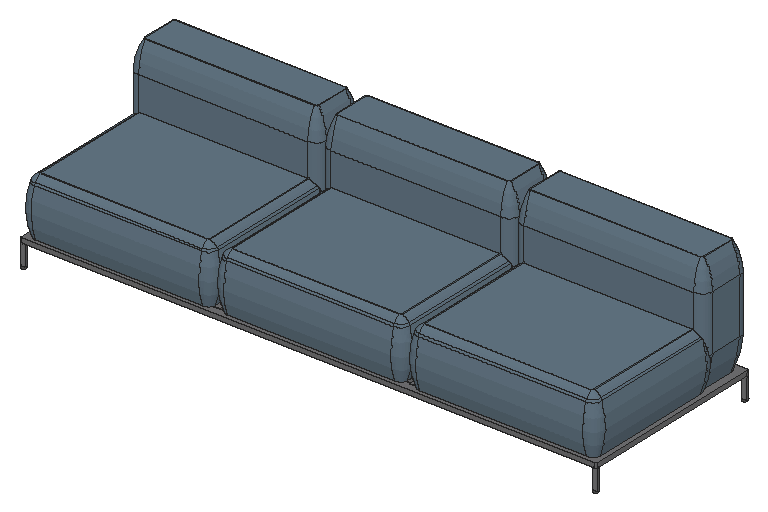
Revit family "Haworth_Mex-Hi_Sofa_Wide_WithoutArm", category Furniture, Revit 2018
Family settings
  OmniClass Number = 23.40.70.14.64.21
  OmniClass Title = Systems Furniture
  Work Plane-Based = No
  Always vertical = Yes
  Cut with Voids When Loaded = No
  Shared = No
  Room Calculation Point = No
Parameters (values of type "Three Seat Sofa")
  Warranty = "http://www.haworth.com/resources/product-info/warranties"
  URL - Product = "https://www.haworth.com/na/en/products/lounge-sofas/ottomans/mex-hi-seating.html"
  URL = "https://www.haworth.com/na/en/about/brands/haworth-collection.html"
  Two Seats Wide = no
  Trim Finish = Haworth _ Polymer _ Black
  Three Seats Wide = not(Two Seats Wide)  # yes
  Sustainability Info = "https://www.haworth.com/na/en/expertise/sustainability.html"
  Size = "Verify Final Dim. w/ Haworth"  # constant formula
  Seat Upholstery Finish [instance] = Haworth _ Leather _ Scozia _ Oceano ES-342
  Revision Number = "1"  # constant formula
  Model = "HCCSMHL"  # constant formula
  Manufacturer = "Haworth"  # constant formula
  Description = "Haworth - Cassina - Mex-Hi - Sofa - Without Arm - Wide Three Seat"
  Base Finish [instance] = Haworth _ Paint _ Matte Anthracite 69-ANT
  Back Upholstery Finish [instance] = Haworth _ Leather _ Scozia _ Oceano ES-342
  Author = "Haworth (Abd Rahman)"  # constant formula
  Assembly Code = "E2020200"
  Actual Width = if(Two Seats Wide, 86.60", 106.30")  # 106.30"
  Actual Height = 28.30"  # constant formula
  Actual Depth = 35.50"  # constant formula
Reference planes (in)
  plane 1: z = 0
  plane 2 "Center L/R": x = -6.11989
  plane 3 "Center F/B": y = -11.5
  plane 4 "Top": z = 28.3
  plane 5 "Back": y = 6.25
  plane 6 "Front": y = -29.25
  plane 7 "Right": x = 47.03011
  plane 8 "Left": x = -59.26989
  plane 9: x = -23.83656
  plane 10: x = 11.59677
  plane 11: z = 4.88189
Dimensions and locks (in)
  equal spacing: plane 8 "Left", plane 2 "Center L/R", plane 7 "Right"
  "Actual Width": plane 8 "Left" to plane 7 "Right"
  equal spacing: plane 5 "Back", plane 3 "Center F/B", plane 6 "Front"
  "Actual Depth": plane 5 "Back" to plane 6 "Front"
  "Actual Height": plane 4 "Top" to plane 1
  equal spacing: plane 8 "Left", plane 9, plane 10, plane 7 "Right"
  aligned and locked: nested 2 to plane 5 "Back"
  aligned and locked: plane 2 "Center L/R" to nested 7
  aligned and locked: plane 3 "Center F/B" to nested 7
  aligned and locked: plane 2 "Center L/R" to nested 1
  aligned and locked: plane 7 "Right" to nested 2
  aligned and locked: plane 8 "Left" to nested 3
  aligned and locked: nested 4 to plane 2 "Center L/R"
  aligned and locked: plane 7 "Right" to nested 10
  aligned and locked: plane 8 "Left" to nested 11
  aligned and locked: plane 5 "Back" to nested 11
  aligned and locked: nested 10 to plane 5 "Back"
  aligned and locked: plane 8 "Left" to nested 8
  aligned and locked: plane 7 "Right" to nested 9
  aligned and locked: nested 6 to plane 2 "Center L/R"
  aligned and locked: nested 5 to plane 2 "Center L/R"
  aligned and locked: nested 7 to plane 11
  aligned and locked: nested 3 to plane 11
  aligned and locked: nested 11 to plane 11
  aligned and locked: nested 4 to plane 11
  aligned and locked: plane 11 to nested 10
  aligned and locked: plane 11 to nested 2
  aligned and locked: plane 11 to nested 8
  aligned and locked: plane 11 to nested 6
  aligned and locked: plane 11 to nested 1
  aligned and locked: plane 11 to nested 5
  aligned and locked: plane 11 to nested 9
Nested families (in)
  nested 1: "Haworth_Mex-Hi_Sofa_Seat-Wide-PART" at (0, -3.81934, 0), Seat Upholstery Finish <- "Seat Upholstery Finish", visible <- "Three Seats Wide", type "Seat Wide - PART - Middle"
    with Seat Upholstery Finish Haworth _ Leather _ Scozia _ Oceano ES-342
  nested 2: "Haworth_Mex-Hi_Sofa_Back-Wide-PART" at (35.78887, 9.90612, -0.04956), Back Upholstery Finish <- "Back Upholstery Finish", visible <- "Three Seats Wide", type "Back Wide - PART - Small"
    with Back Upholstery Finish Haworth _ Leather _ Scozia _ Oceano ES-342, Extra Small no
  nested 3: "Haworth_Mex-Hi_Sofa_Back-Wide-PART" at (-48.02865, 9.90612, -0.04956) x (-1, 0, 0) z (0, 0, 1), Back Upholstery Finish <- "Back Upholstery Finish", visible <- "Three Seats Wide", type "Back Wide - PART - Small"
    with Back Upholstery Finish Haworth _ Leather _ Scozia _ Oceano ES-342, Extra Small no
  nested 4: "Haworth_Mex-Hi_Sofa_Back-Wide-PART" at (-12.59365, 9.90612, -0.04956) x (-1, 0, 0) z (0, 0, 1), Back Upholstery Finish <- "Back Upholstery Finish", visible <- "Three Seats Wide", type "Back Wide - PART - Small"
    with Back Upholstery Finish Haworth _ Leather _ Scozia _ Oceano ES-342, Extra Small no
  nested 5: "Haworth_Mex-Hi_Sofa_Seat-Wide-PART" at (22.30183, -3.81836, 0), Seat Upholstery Finish <- "Seat Upholstery Finish", visible <- "Two Seats Wide", type "Seat Wide - PART - Middle - Large"
    with Seat Upholstery Finish Haworth _ Leather _ Scozia _ Oceano ES-342
  nested 6: "Haworth_Mex-Hi_Sofa_Seat-Wide-PART" at (-22.23437, -3.81836, 0), Seat Upholstery Finish <- "Seat Upholstery Finish", visible <- "Two Seats Wide", type "Seat Wide - PART - Middle - Large"
    with Seat Upholstery Finish Haworth _ Leather _ Scozia _ Oceano ES-342
  nested 7: "Haworth_Mex-Hi_Sofa_Base-PART" at (0, 0, 0), Base Finish <- "Base Finish", type "Base - PART"
    with Base Finish Haworth _ Paint _ Matte Anthracite 69-ANT, Two Seats no
  nested 8: "Haworth_Mex-Hi_Sofa_Seat-Wide-PART" at (-35.30039, -3.81836, 0), visible <- "Three Seats Wide", Seat Upholstery Finish <- "Seat Upholstery Finish", type "Seat Wide - PART - Middle"
    with Seat Upholstery Finish Haworth _ Leather _ Scozia _ Oceano ES-342
  nested 9: "Haworth_Mex-Hi_Sofa_Seat-Wide-PART" at (35.30039, -3.81836, 0), visible <- "Three Seats Wide", Seat Upholstery Finish <- "Seat Upholstery Finish", type "Seat Wide - PART - Middle"
    with Seat Upholstery Finish Haworth _ Leather _ Scozia _ Oceano ES-342
  nested 10: "Haworth_Mex-Hi_Sofa_Back-Wide-PART" at (35.78887, 9.90612, -0.04956), visible <- "Two Seats Wide", Back Upholstery Finish <- "Back Upholstery Finish", type "Back Wide - PART - Large"
    with Back Upholstery Finish Haworth _ Leather _ Scozia _ Oceano ES-342, Extra Small no
  nested 11: "Haworth_Mex-Hi_Sofa_Back-Wide-PART" at (-48.02865, 9.90612, -0.04956) x (-1, 0, 0) z (0, 0, 1), visible <- "Two Seats Wide", Back Upholstery Finish <- "Back Upholstery Finish", type "Back Wide - PART - Large"
    with Back Upholstery Finish Haworth _ Leather _ Scozia _ Oceano ES-342, Extra Small no
Definition of nested family "Haworth_Mex-Hi_Sofa_Seat-Wide-PART"
  Parameters (values of type "Seat Wide - PART - Middle - Large")
    Warranty = "http://www.haworth.com/resources/product-info/warranties"
    URL - Product = "https://www.haworth.com/na/en/products/lounge-sofas/ottomans/mex-hi-seating.html"
    URL = "https://www.haworth.com/na/en/about/brands/haworth-collection.html"
    Sustainability Info = "https://www.haworth.com/na/en/expertise/sustainability.html"
    Size = "Verify Final Dim. w/ Haworth"  # constant formula
    Seat Upholstery Finish [instance] = none
    Seat Height = 17.00"  # constant formula
    Revision Number = "1"  # constant formula
    Peninsula Seat = no
    Model = "Haworth - Cassina - Mex-Hi"  # constant formula
    Middle Small Seat = no
    Middle Large Seat = yes
    Manufacturer = "Haworth"  # constant formula
    L/R Seat = no
    Description = "Haworth - Cassina - Mex-Hi - Seat - Wide - PART"  # constant formula
    Author = "Haworth (Abd Rahman)"  # constant formula
    Assembly Code = "E2020200"
    Actual Width = 35.69922"  # constant formula
    Actual Height = 27.39844"  # constant formula
    Actual Depth = 28.80078"  # constant formula
  Types (2): name | Middle Small Seat | Middle Large Seat
    Seat Wide - PART - Middle - Large | no | yes
    Seat Wide - PART - Middle | yes | no
  Reference planes (in)
    plane 1: z = 0
    plane 2 "Center L/R": x = -6.11989
    plane 3 "Center F/B": y = -11.5
    plane 4 "Top": z = 27.39844
    plane 5 "Back": y = 2.90039
    plane 6 "Front": y = -25.90039
    plane 7 "Right": x = 11.72972
    plane 8 "Left": x = -23.9695
    plane 9: z = 17
    plane 10: x = 21.18638
    plane 11: x = -30.55117
    plane 12: x = -28.42172
    plane 13: x = 16.11448
    plane 14: x = -19.80117
    plane 15: x = 7.56138
  Forms (in)
    Extrusion 1, solid, material <- "Seat Upholstery Finish", visible <- "Middle Small Seat"
      sketch origin (4.78944, 14.72405, 0) x (1, 0, 0) y (0, 1, 0)
        loop
          arc (4.64853, -14.53597) -> (4.58765, -14.38899) -> (4.44067, -14.32811) r 0.20787
          line (4.44067, -14.32811) -> (-26.25933, -14.32811)
          arc (-26.25933, -14.32811) -> (-26.40632, -14.38899) -> (-26.4672, -14.53597) r 0.20787
          line (-26.4672, -14.53597) -> (-26.4672, -37.69252)
          arc (-26.4672, -37.69252) -> (-26.40632, -37.83951) -> (-26.25933, -37.90039) r 0.20787
          line (-26.25933, -37.90039) -> (4.44067, -37.90039)
          arc (4.44067, -37.90039) -> (4.58765, -37.83951) -> (4.64853, -37.69252) r 0.20787
          line (4.64853, -37.69252) -> (4.64853, -14.53597)
      from 4.88189 to 15.36974
    Sweep 2, solid, material <- "Seat Upholstery Finish", visible <- "Middle Small Seat"
      path origin (4.78944, 14.72405, 0) x (1, 0, 0) y (0, 1, 0)
        loop
          arc (4.44067, -39.44252) -> (5.6781, -38.92996) -> (6.19067, -37.69252) r 1.75
          line (6.19067, -37.69252) -> (6.19067, -14.53597)
          arc (6.19067, -14.53597) -> (5.6781, -13.29854) -> (4.44067, -12.78597) r 1.75
          line (4.44067, -12.78597) -> (-26.25933, -12.78597)
          arc (-26.25933, -12.78597) -> (-27.49677, -13.29854) -> (-28.00933, -14.53597) r 1.75
          line (-28.00933, -14.53597) -> (-28.00933, -37.69252)
          arc (-28.00933, -37.69252) -> (-27.49677, -38.92996) -> (-26.25933, -39.44252) r 1.75
          line (-26.25933, -39.44252) -> (4.44067, -39.44252)
      profile origin (-6.11989, -24.71848, 0) x (0, -1, 0) y (0, 0, 1)
        loop
          arc (-0.11034, 13.92822) -> (-0.19803, 14.13034) -> (-0.31579, 14.31655) r 1.42697
          arc (-0.31579, 14.31655) -> (-0.8708, 14.91087) -> (-1.54213, 15.36974) r 3.70331
          line (-1.54213, 15.36974) -> (-1.54213, 4.88189) -> (-0.41268, 4.88189)
          arc (-0.41268, 4.88189) -> (0.57441, 9.37712) -> (-0.11034, 13.92822) r 12.66244
    Extrusion 3, solid, material <- "Seat Upholstery Finish", visible <- "L/R Seat"
      sketch origin (4.35194, 14.72405, 0) x (1, 0, 0) y (0, 1, 0)
        loop
          arc (0.87817, -37.90039) -> (1.02515, -37.83951) -> (1.08603, -37.69252) r 0.20787
          line (1.08603, -37.69252) -> (1.08603, -14.53597)
          arc (1.08603, -14.53597) -> (1.02515, -14.38899) -> (0.87817, -14.32811) r 0.20787
          line (0.87817, -14.32811) -> (-21.82183, -14.32811)
          arc (-21.82183, -14.32811) -> (-21.96882, -14.38899) -> (-22.0297, -14.53597) r 0.20787
          line (-22.0297, -14.53597) -> (-22.0297, -37.69252)
          arc (-22.0297, -37.69252) -> (-21.96882, -37.83951) -> (-21.82183, -37.90039) r 0.20787
          line (-21.82183, -37.90039) -> (0.87817, -37.90039)
      from 4.88189 to 15.36974
    Sweep 4, solid, material <- "Seat Upholstery Finish", visible <- "L/R Seat"
      path origin (4.35194, 14.72405, 0) x (1, 0, 0) y (0, 1, 0)
        loop
          arc (0.87817, -39.44252) -> (2.1156, -38.92996) -> (2.62817, -37.69252) r 1.75
          line (2.62817, -37.69252) -> (2.62817, -14.53597)
          arc (2.62817, -14.53597) -> (2.1156, -13.29854) -> (0.87817, -12.78597) r 1.75
          line (0.87817, -12.78597) -> (-21.82183, -12.78597)
          arc (-21.82183, -12.78597) -> (-23.05927, -13.29854) -> (-23.57183, -14.53597) r 1.75
          line (-23.57183, -14.53597) -> (-23.57183, -37.69252)
          arc (-23.57183, -37.69252) -> (-23.05927, -38.92996) -> (-21.82183, -39.44252) r 1.75
          line (-21.82183, -39.44252) -> (0.87817, -39.44252)
      profile origin (-6.11989, -24.71848, 0) x (0, -1, 0) y (0, 0, 1)
        loop
          arc (-0.11034, 13.92822) -> (-0.19803, 14.13034) -> (-0.31579, 14.31655) r 1.42697
          arc (-0.31579, 14.31655) -> (-0.8708, 14.91087) -> (-1.54213, 15.36974) r 3.70331
          line (-1.54213, 15.36974) -> (-1.54213, 4.88189) -> (-0.41268, 4.88189)
          arc (-0.41268, 4.88189) -> (0.57441, 9.37712) -> (-0.11034, 13.92822) r 12.66244
    Sweep 5, solid, material <- "Seat Upholstery Finish", visible <- "Peninsula Seat"
      path origin (4.53944, 14.72405, 0) x (1, 0, 0) y (0, 1, 0)
        loop
          arc (14.30963, -39.44252) -> (15.54706, -38.92996) -> (16.05963, -37.69252) r 1.75
          line (16.05963, -37.69252) -> (16.05963, -6.28597)
          arc (16.05963, -6.28597) -> (15.54706, -5.04854) -> (14.30963, -4.53597) r 1.75
          line (14.30963, -4.53597) -> (2.57093, -4.53597)
          arc (2.57093, -4.53597) -> (1.33349, -5.04854) -> (0.82093, -6.28597) r 1.75
          line (0.82093, -6.28597) -> (0.82093, -15.03597) -> (-32.75329, -15.03597)
          arc (-32.75329, -15.03597) -> (-33.99073, -15.54854) -> (-34.50329, -16.78597) r 1.75
          line (-34.50329, -16.78597) -> (-34.50329, -37.69252)
          arc (-34.50329, -37.69252) -> (-33.99073, -38.92996) -> (-32.75329, -39.44252) r 1.75
          line (-32.75329, -39.44252) -> (14.30963, -39.44252)
      profile origin (-4.68239, -24.71848, 0) x (0, -1, 0) y (0, 0, 1)
        loop
          arc (-0.11034, 13.92822) -> (-0.19803, 14.13034) -> (-0.31579, 14.31655) r 1.42697
          arc (-0.31579, 14.31655) -> (-0.8708, 14.91087) -> (-1.54213, 15.36974) r 3.70331
          line (-1.54213, 15.36974) -> (-1.54213, 4.88189) -> (-0.41268, 4.88189)
          arc (-0.41268, 4.88189) -> (0.57441, 9.37712) -> (-0.11034, 13.92822) r 12.66244
    Extrusion 6, solid, material <- "Seat Upholstery Finish", visible <- "Peninsula Seat"
      sketch origin (0, 0, 0) x (1, 0, 0) y (0, 1, 0)
        loop
          arc (-28.42172, -22.96848) -> (-28.36084, -23.11546) -> (-28.21385, -23.17634) r 0.20787
          line (-28.21385, -23.17634) -> (18.84907, -23.17634)
          arc (18.84907, -23.17634) -> (18.99605, -23.11546) -> (19.05693, -22.96848) r 0.20787
          line (19.05693, -22.96848) -> (19.05693, 8.43807)
          arc (19.05693, 8.43807) -> (18.99605, 8.58506) -> (18.84907, 8.64594) r 0.20787
          line (18.84907, 8.64594) -> (7.11037, 8.64594)
          arc (7.11037, 8.64594) -> (6.96338, 8.58506) -> (6.9025, 8.43807) r 0.20787
          line (6.9025, 8.43807) -> (6.9025, -1.85406) -> (-28.21385, -1.85406)
          arc (-28.21385, -1.85406) -> (-28.36084, -1.91494) -> (-28.42172, -2.06193) r 0.20787
          line (-28.42172, -2.06193) -> (-28.42172, -22.96848)
      from 4.88189 to 15.36974
    Sweep 7, solid, material <- "Seat Upholstery Finish", visible <- "Middle Large Seat"
      path origin (4.78944, 14.72405, 0) x (1, 0, 0) y (0, 1, 0)
        loop
          arc (8.99067, -39.44252) -> (10.2281, -38.92996) -> (10.74067, -37.69252) r 1.75
          line (10.74067, -37.69252) -> (10.74067, -14.53597)
          arc (10.74067, -14.53597) -> (10.2281, -13.29854) -> (8.99067, -12.78597) r 1.75
          line (8.99067, -12.78597) -> (-30.80933, -12.78597)
          arc (-30.80933, -12.78597) -> (-32.04677, -13.29854) -> (-32.55933, -14.53597) r 1.75
          line (-32.55933, -14.53597) -> (-32.55933, -37.69252)
          arc (-32.55933, -37.69252) -> (-32.04677, -38.92996) -> (-30.80933, -39.44252) r 1.75
          line (-30.80933, -39.44252) -> (8.99067, -39.44252)
      profile origin (-6.11989, -24.71848, 0) x (0, -1, 0) y (0, 0, 1)
        loop
          arc (-0.11034, 13.92822) -> (-0.19803, 14.13034) -> (-0.31579, 14.31655) r 1.42697
          arc (-0.31579, 14.31655) -> (-0.8708, 14.91087) -> (-1.54213, 15.36974) r 3.70331
          line (-1.54213, 15.36974) -> (-1.54213, 4.88189) -> (-0.41268, 4.88189)
          arc (-0.41268, 4.88189) -> (0.57441, 9.37712) -> (-0.11034, 13.92822) r 12.66244
    Extrusion 8, solid, material <- "Seat Upholstery Finish", visible <- "Middle Large Seat"
      sketch origin (4.78944, 14.97405, 0) x (1, 0, 0) y (0, 1, 0)
        loop
          arc (9.19853, -14.53597) -> (9.13765, -14.38899) -> (8.99067, -14.32811) r 0.20787
          line (8.99067, -14.32811) -> (-30.80933, -14.32811)
          arc (-30.80933, -14.32811) -> (-30.95632, -14.38899) -> (-31.0172, -14.53597) r 0.20787
          line (-31.0172, -14.53597) -> (-31.0172, -37.94252)
          arc (-31.0172, -37.94252) -> (-30.95632, -38.08951) -> (-30.80933, -38.15039) r 0.20787
          line (-30.80933, -38.15039) -> (8.99067, -38.15039)
          arc (8.99067, -38.15039) -> (9.13765, -38.08951) -> (9.19853, -37.94252) r 0.20787
          line (9.19853, -37.94252) -> (9.19853, -14.53597)
      from 4.88189 to 15.36974
  Lines and regions (in)
    Masking region 1, visible <- "Middle Small Seat"
      outline origin (0, 0, 0) x (1, 0, 0) y (0, 1, 0)
        loop
          line (-23.80117, 0.15039) -> (-23.80117, -22.93079)
          arc (-23.80117, -22.93079) -> (-23.06894, -24.69856) -> (-21.30117, -25.43079) r 2.5
          line (-21.30117, -25.43079) -> (9.06138, -25.43079)
          arc (9.06138, -25.43079) -> (10.82915, -24.69856) -> (11.56138, -22.93079) r 2.5
          line (11.56138, -22.93079) -> (11.56138, 0.15039)
          arc (11.56138, 0.15039) -> (10.82915, 1.91816) -> (9.06138, 2.65039) r 2.5
          line (9.06138, 2.65039) -> (-21.30117, 2.65039)
          arc (-21.30117, 2.65039) -> (-23.06894, 1.91816) -> (-23.80117, 0.15039) r 2.5
    Masking region 2, visible <- "L/R Seat"
      outline origin (0, 0, 0) x (1, 0, 0) y (0, 1, 0)
        loop
          line (-19.80117, 0.15039) -> (-19.80117, -22.93079)
          arc (-19.80117, -22.93079) -> (-19.06894, -24.69856) -> (-17.30117, -25.43079) r 2.5
          line (-17.30117, -25.43079) -> (5.06138, -25.43079)
          arc (5.06138, -25.43079) -> (6.82915, -24.69856) -> (7.56138, -22.93079) r 2.5
          line (7.56138, -22.93079) -> (7.56138, 0.15039)
          arc (7.56138, 0.15039) -> (6.82915, 1.91816) -> (5.06138, 2.65039) r 2.5
          line (5.06138, 2.65039) -> (-17.30117, 2.65039)
          arc (-17.30117, 2.65039) -> (-19.06894, 1.91816) -> (-19.80117, 0.15039) r 2.5
    Masking region 3, visible <- "Peninsula Seat"
      outline origin (0, 0, 0) x (1, 0, 0) y (0, 1, 0)
        loop
          line (4.77305, 0.27539) -> (-28.30117, 0.27539)
          arc (-28.30117, 0.27539) -> (-29.89216, -0.38362) -> (-30.55117, -1.97461) r 2.25
          line (-30.55117, -1.97461) -> (-30.55117, -23.05579)
          arc (-30.55117, -23.05579) -> (-29.89216, -24.64678) -> (-28.30117, -25.30579) r 2.25
          line (-28.30117, -25.30579) -> (18.93638, -25.30579)
          arc (18.93638, -25.30579) -> (20.52737, -24.64678) -> (21.18638, -23.05579) r 2.25
          line (21.18638, -23.05579) -> (21.18638, 8.52539)
          arc (21.18638, 8.52539) -> (20.52737, 10.11638) -> (18.93638, 10.77539) r 2.25
          line (18.93638, 10.77539) -> (7.02305, 10.77539)
          arc (7.02305, 10.77539) -> (5.43206, 10.11638) -> (4.77305, 8.52539) r 2.25
          line (4.77305, 8.52539) -> (4.77305, 0.27539)
    Masking region 4, visible <- "Middle Large Seat"
      outline origin (0, 0, 0) x (1, 0, 0) y (0, 1, 0)
        loop
          line (-28.42172, 0.15039) -> (-28.42172, -22.93079)
          arc (-28.42172, -22.93079) -> (-27.68949, -24.69856) -> (-25.92172, -25.43079) r 2.5
          line (-25.92172, -25.43079) -> (13.61448, -25.43079)
          arc (13.61448, -25.43079) -> (15.38225, -24.69856) -> (16.11448, -22.93079) r 2.5
          line (16.11448, -22.93079) -> (16.11448, 0.15039)
          arc (16.11448, 0.15039) -> (15.38225, 1.91816) -> (13.61448, 2.65039) r 2.5
          line (13.61448, 2.65039) -> (-25.92172, 2.65039)
          arc (-25.92172, 2.65039) -> (-27.68949, 1.91816) -> (-28.42172, 0.15039) r 2.5
  Dimensions and locks (in)
    equal spacing: plane 8 "Left", plane 2 "Center L/R", plane 7 "Right"
    "Actual Width": plane 8 "Left" to plane 7 "Right"
    equal spacing: plane 5 "Back", plane 3 "Center F/B", plane 6 "Front"
    "Actual Depth": plane 5 "Back" to plane 6 "Front"
    "Actual Height": plane 4 "Top" to plane 1
    "Seat Height": plane 9 to level
    aligned and locked: Extrusion 8 sketch curve to Sweep 7  (x2)
  Automatic sketch dimensions
    plane 8 "Left" to Extrusion 1 sketch curve = 2.29174"
    Extrusion 1 sketch curve to Extrusion 1 sketch curve = 0.20787"  (x3)
    Extrusion 1 sketch curve to plane 7 "Right" = 2.49961"  (x2)
    plane 6 "Front" to Extrusion 1 sketch curve = 2.72405"
    Extrusion 1 sketch curve to plane 5 "Back" = 2.71232"
    plane 8 "Left" to Sweep 2 sketch curve = 0.74961"
    Sweep 2 sketch curve to plane 5 "Back" = 0.96232"
    Sweep 2 sketch curve to Sweep 2 sketch curve = 1.75"  (x2)
    plane 6 "Front" to Sweep 2 sketch curve = 1.18191"
    Sweep 2 sketch curve to plane 7 "Right" = 2.49961"  (x2)
    Sweep 2 sketch curve to plane 7 "Right" = 0.74961"
    profile plane to Sweep 2 sketch curve = 12.08096"
    profile plane to Sweep 2 sketch curve = 3.28358"
    profile plane to Sweep 2 sketch curve = 1.54213"
    profile plane to Sweep 2 sketch curve = 1.45935"
    profile plane to Sweep 2 sketch curve = 0.41268"
    level to Sweep 2 sketch curve = 4.88189"
    level to Sweep 2 sketch curve = 9.80008"
    Sweep 2 sketch curve to Sweep 2 sketch curve = 7.21954"
    Sweep 2 sketch curve to Sweep 2 sketch curve = 1.36158"
    Sweep 2 sketch curve to Sweep 2 sketch curve = 1.90673"
    Sweep 2 sketch curve to Sweep 2 sketch curve = 0.00"
    plane 6 "Front" to Extrusion 3 sketch curve = 2.93191"  (x2)
    plane 8 "Left" to Extrusion 3 sketch curve = 6.29174"
    Extrusion 3 sketch curve to Extrusion 3 sketch curve = 0.20787"  (x2)
    Extrusion 3 sketch curve to plane 5 "Back" = 2.71232"
    Extrusion 3 sketch curve to plane 7 "Right" = 6.49961"  (x2)
    plane 8 "Left" to Sweep 4 sketch curve = 4.74961"
    Sweep 4 sketch curve to plane 5 "Back" = 0.96232"
    Sweep 4 sketch curve to Sweep 4 sketch curve = 1.75"  (x3)
    plane 6 "Front" to Sweep 4 sketch curve = 1.18191"
    plane 6 "Front" to Sweep 4 sketch curve = 2.93191"
    Sweep 4 sketch curve to plane 7 "Right" = 6.49961"
    profile plane to Sweep 4 sketch curve = 12.08096"
    profile plane to Sweep 4 sketch curve = 3.28358"
    profile plane to Sweep 4 sketch curve = 1.54213"
    profile plane to Sweep 4 sketch curve = 1.45935"
    profile plane to Sweep 4 sketch curve = 0.41268"
    level to Sweep 4 sketch curve = 4.88189"
    level to Sweep 4 sketch curve = 9.80008"
    Sweep 4 sketch curve to Sweep 4 sketch curve = 7.21954"
    Sweep 4 sketch curve to Sweep 4 sketch curve = 1.36158"
    Sweep 4 sketch curve to Sweep 4 sketch curve = 1.90673"
    Sweep 4 sketch curve to Sweep 4 sketch curve = 0.00"
    plane 8 "Left" to Masking region 1 sketch curve = 0.16833"
    plane 6 "Front" to Masking region 1 sketch curve = 0.4696"
    plane 8 "Left" to Masking region 1 sketch curve = 2.66833"
    Masking region 1 sketch curve to Masking region 1 sketch curve = 2.50"
    Masking region 1 sketch curve to plane 5 "Back" = 0.25"
    Masking region 1 sketch curve to plane 7 "Right" = 2.66833"  (x2)
    Masking region 1 sketch curve to plane 7 "Right" = 0.16833"
    plane 8 "Left" to Masking region 2 sketch curve = 4.16833"
    Masking region 2 sketch curve to Masking region 2 sketch curve = 2.50"  (x3)
    Masking region 2 sketch curve to plane 5 "Back" = 0.25"
    Masking region 2 sketch curve to plane 7 "Right" = 6.66833"  (x2)
    plane 6 "Front" to Masking region 2 sketch curve = 0.4696"
    Sweep 5 sketch curve to plane 8 "Left" = 5.99435"
    Sweep 5 sketch curve to Sweep 5 sketch curve = 1.75"  (x4)
    Sweep 5 sketch curve to plane 7 "Right" = 6.36935"
    plane 7 "Right" to Sweep 5 sketch curve = 7.11935"  (x2)
    plane 6 "Front" to Sweep 5 sketch curve = 2.93191"
    Sweep 5 sketch curve to plane 5 "Back" = 4.96232"
    plane 5 "Back" to Sweep 5 sketch curve = 5.53768"
    profile plane to Sweep 5 sketch curve = 12.08096"
    profile plane to Sweep 5 sketch curve = 3.28358"
    profile plane to Sweep 5 sketch curve = 1.54213"
    profile plane to Sweep 5 sketch curve = 1.45935"
    profile plane to Sweep 5 sketch curve = 0.41268"
    level to Sweep 5 sketch curve = 4.88189"
    level to Sweep 5 sketch curve = 9.80008"
    Sweep 5 sketch curve to Sweep 5 sketch curve = 7.21954"
    Sweep 5 sketch curve to Sweep 5 sketch curve = 1.36158"
    Sweep 5 sketch curve to Sweep 5 sketch curve = 1.90673"
    Sweep 5 sketch curve to Sweep 5 sketch curve = 0.00"
    Extrusion 6 sketch curve to plane 8 "Left" = 4.45222"
    Extrusion 6 sketch curve to Extrusion 6 sketch curve = 0.20787"  (x4)
    Extrusion 6 sketch curve to plane 7 "Right" = 4.82722"
    plane 6 "Front" to Extrusion 6 sketch curve = 2.72405"
    plane 7 "Right" to Extrusion 6 sketch curve = 7.11935"  (x2)
    Extrusion 6 sketch curve to plane 5 "Back" = 4.96232"
    plane 5 "Back" to Extrusion 6 sketch curve = 5.53768"
    Masking region 3 sketch curve to plane 8 "Left" = 6.58167"
    plane 6 "Front" to Masking region 3 sketch curve = 0.5946"
    Masking region 3 sketch curve to Masking region 3 sketch curve = 2.25"  (x4)
    Masking region 3 sketch curve to plane 5 "Back" = 2.625"
    Masking region 3 sketch curve to plane 7 "Right" = 6.95667"
    plane 7 "Right" to Masking region 3 sketch curve = 7.20667"  (x2)
    plane 5 "Back" to Masking region 3 sketch curve = 5.625"
    Sweep 7 sketch curve to plane 8 "Left" = 3.80039"
    Sweep 7 sketch curve to plane 5 "Back" = 0.96232"
    Sweep 7 sketch curve to plane 8 "Left" = 2.05039"  (x2)
    plane 6 "Front" to Sweep 7 sketch curve = 1.18191"
    plane 7 "Right" to Sweep 7 sketch curve = 2.05039"  (x2)
    Sweep 7 sketch curve to Sweep 7 sketch curve = 1.75"
    profile plane to Sweep 7 sketch curve = 12.08096"
    profile plane to Sweep 7 sketch curve = 3.28358"
    profile plane to Sweep 7 sketch curve = 1.54213"
    profile plane to Sweep 7 sketch curve = 1.45935"
    profile plane to Sweep 7 sketch curve = 0.41268"
    level to Sweep 7 sketch curve = 4.88189"
    level to Sweep 7 sketch curve = 9.80008"
    Sweep 7 sketch curve to Sweep 7 sketch curve = 7.21954"
    Sweep 7 sketch curve to Sweep 7 sketch curve = 1.36158"
    Sweep 7 sketch curve to Sweep 7 sketch curve = 1.90673"
    Sweep 7 sketch curve to Sweep 7 sketch curve = 0.00"
    Extrusion 8 sketch curve to Extrusion 8 sketch curve = 0.20787"  (x4)
    plane 6 "Front" to Extrusion 8 sketch curve = 2.72405"
    Extrusion 8 sketch curve to plane 5 "Back" = 2.46232"
    Masking region 4 sketch curve to plane 5 "Back" = 2.75"
    Masking region 4 sketch curve to plane 8 "Left" = 4.45222"
    plane 6 "Front" to Masking region 4 sketch curve = 0.4696"
    Masking region 4 sketch curve to plane 8 "Left" = 1.95222"  (x2)
    plane 7 "Right" to Masking region 4 sketch curve = 1.88477"  (x2)
    Masking region 4 sketch curve to Masking region 4 sketch curve = 2.50"
Definition of nested family "Haworth_Mex-Hi_Sofa_Back-Wide-PART"
  Parameters (values of type "Back Wide - PART - Small")
    Warranty = "http://www.haworth.com/resources/product-info/warranties"
    URL - Product = "https://www.haworth.com/na/en/products/lounge-sofas/ottomans/mex-hi-seating.html"
    URL = "https://www.haworth.com/na/en/about/brands/haworth-collection.html"
    Sustainability Info = "https://www.haworth.com/na/en/expertise/sustainability.html"
    Small = yes
    Size = "Verify Final Dim. w/ Haworth"  # constant formula
    Seat Height = 17.00"  # constant formula
    Revision Number = "1"  # constant formula
    Model = "Haworth - Cassina - Mex-Hi"  # constant formula
    Manufacturer = "Haworth"  # constant formula
    Large = no
    Extra Small = yes
    Description = "Haworth - Cassina - Mex-Hi - Back - Wide - PART"  # constant formula
    Back Upholstery Finish [instance] = none
    Author = "Haworth (Abd Rahman)"  # constant formula
    Assembly Code = "E2020200"
    Actual Width = 35.43"  # constant formula
    Actual Height = 27.39844"  # constant formula
    Actual Depth = 10.60"  # constant formula
  Types (2): name | Small | Large
    Back Wide - PART - Small | yes | no
    Back Wide - PART - Large | no | yes
  Reference planes (in)
    plane 1: z = 0
    plane 2 "Top": z = 27.39844
    plane 3: z = 17
    plane 4 "Right": x = 11.24124
    plane 5 "Left": x = -24.18876
    plane 6 "Center (Left/Right)": x = -6.47376
    plane 7 "Back": y = -3.65612
    plane 8 "Front": y = -14.25612
    plane 9 "Center (Front/Back)": y = -8.95612
    plane 10: x = -20.15376
    plane 11: x = 7.20624
  Forms (in)
    Extrusion 1, solid, material <- "Back Upholstery Finish", visible <- "Small"
      sketch origin (0, 0.1875, 0) x (1, 0, 0) y (0, 1, 0)
        loop
          line (-22.40055, -6.01823) -> (-22.40055, -12.26715)
          arc (-22.40055, -12.26715) -> (-22.28726, -12.54067) -> (-22.01374, -12.65397) r 0.38681
          line (-22.01374, -12.65397) -> (9.07786, -12.65397)
          arc (9.07786, -12.65397) -> (9.35138, -12.54067) -> (9.46468, -12.26715) r 0.38681
          line (9.46468, -12.26715) -> (9.46468, -6.01823)
          arc (9.46468, -6.01823) -> (9.35138, -5.74471) -> (9.07786, -5.63141) r 0.38681
          line (9.07786, -5.63141) -> (-22.01374, -5.63141)
          arc (-22.01374, -5.63141) -> (-22.28726, -5.74471) -> (-22.40055, -6.01823) r 0.38681
      from 4.93145 to 26.69365
    Sweep 2, solid, material <- "Back Upholstery Finish", visible <- "Small"
      path origin (0, 0.1875, 0) x (1, 0, 0) y (0, 1, 0)
        loop
          arc (-22.01374, -5.51823) -> (-22.36729, -5.66467) -> (-22.51374, -6.01823) r 0.5
          line (-22.51374, -6.01823) -> (-22.51374, -12.26715)
          arc (-22.51374, -12.26715) -> (-22.36729, -12.62071) -> (-22.01374, -12.76715) r 0.5
          line (-22.01374, -12.76715) -> (9.07786, -12.76715)
          arc (9.07786, -12.76715) -> (9.43142, -12.62071) -> (9.57786, -12.26715) r 0.5
          line (9.57786, -12.26715) -> (9.57786, -6.01823)
          arc (9.57786, -6.01823) -> (9.43142, -5.66467) -> (9.07786, -5.51823) r 0.5
          line (9.07786, -5.51823) -> (-22.01374, -5.51823)
      profile origin (-6.46794, -5.33073, 0) x (0, 1, 0) y (0, 0, 1)
        loop
          arc (1.49021, 21.44568) -> (0.98441, 24.16007) -> (-0.11319, 26.69365) r 12.32019
          line (-0.11319, 26.69365) -> (-0.11319, 4.93145)
          arc (-0.11319, 4.93145) -> (0.96903, 7.99176) -> (1.49021, 11.19568) r 18.19442
          arc (1.49021, 11.19568) -> (1.67463, 16.32068) -> (1.49021, 21.44568) r 71.30597
    Sweep 3, solid, material <- "Back Upholstery Finish", visible <- "Large"
      path origin (0, 0.1875, 0) x (1, 0, 0) y (0, 1, 0)
        loop
          arc (-29.78736, -5.63141) -> (-30.14092, -5.77786) -> (-30.28736, -6.13141) r 0.5
          line (-30.28736, -6.13141) -> (-30.28736, -12.15397)
          arc (-30.28736, -12.15397) -> (-30.14092, -12.50752) -> (-29.78736, -12.65397) r 0.5
          line (-29.78736, -12.65397) -> (8.96468, -12.65397)
          arc (8.96468, -12.65397) -> (9.31823, -12.50752) -> (9.46468, -12.15397) r 0.5
          line (9.46468, -12.15397) -> (9.46468, -6.13141)
          arc (9.46468, -6.13141) -> (9.31823, -5.77786) -> (8.96468, -5.63141) r 0.5
          line (8.96468, -5.63141) -> (-29.78736, -5.63141)
      profile origin (-10.41134, -5.44391, 0) x (0, 1, 0) y (0, 0, 1)
        loop
          arc (1.49021, 21.44568) -> (0.98441, 24.16007) -> (-0.11319, 26.69365) r 12.32019
          line (-0.11319, 26.69365) -> (-0.11319, 4.93145)
          arc (-0.11319, 4.93145) -> (0.96903, 7.99176) -> (1.49021, 11.19568) r 18.19442
          arc (1.49021, 11.19568) -> (1.67463, 16.32068) -> (1.49021, 21.44568) r 71.30597
    Extrusion 4, solid, material <- "Back Upholstery Finish", visible <- "Large"
      sketch origin (0, 0.1875, 0) x (1, 0, 0) y (0, 1, 0)
        loop
          line (-30.17418, -6.13141) -> (-30.17418, -12.15397)
          arc (-30.17418, -12.15397) -> (-30.06088, -12.42749) -> (-29.78736, -12.54078) r 0.38681
          line (-29.78736, -12.54078) -> (8.96468, -12.54078)
          arc (8.96468, -12.54078) -> (9.2382, -12.42749) -> (9.35149, -12.15397) r 0.38681
          line (9.35149, -12.15397) -> (9.35149, -6.13141)
          arc (9.35149, -6.13141) -> (9.2382, -5.85789) -> (8.96468, -5.7446) r 0.38681
          line (8.96468, -5.7446) -> (-29.78736, -5.7446)
          arc (-29.78736, -5.7446) -> (-30.06088, -5.85789) -> (-30.17418, -6.13141) r 0.38681
      from 4.93145 to 26.69365
    Sweep 5, solid, material <- "Back Upholstery Finish", visible <- "Extra Small"
      path origin (0, 0.1875, 0) x (1, 0, 0) y (0, 1, 0)
        loop
          arc (-17.90376, -5.51823) -> (-18.25731, -5.66467) -> (-18.40376, -6.01823) r 0.5
          line (-18.40376, -6.01823) -> (-18.40376, -12.26715)
          arc (-18.40376, -12.26715) -> (-18.25731, -12.62071) -> (-17.90376, -12.76715) r 0.5
          line (-17.90376, -12.76715) -> (4.95624, -12.76715)
          arc (4.95624, -12.76715) -> (5.30979, -12.62071) -> (5.45624, -12.26715) r 0.5
          line (5.45624, -12.26715) -> (5.45624, -6.01823)
          arc (5.45624, -6.01823) -> (5.30979, -5.66467) -> (4.95624, -5.51823) r 0.5
          line (4.95624, -5.51823) -> (-17.90376, -5.51823)
      profile origin (-6.47376, -5.33073, 0) x (0, 1, 0) y (0, 0, 1)
        loop
          arc (1.49021, 21.44568) -> (0.98441, 24.16007) -> (-0.11319, 26.69365) r 12.32019
          line (-0.11319, 26.69365) -> (-0.11319, 4.93145)
          arc (-0.11319, 4.93145) -> (0.96903, 7.99176) -> (1.49021, 11.19568) r 18.19442
          arc (1.49021, 11.19568) -> (1.67463, 16.32068) -> (1.49021, 21.44568) r 71.30597
    Extrusion 6, solid, material <- "Back Upholstery Finish", visible <- "Extra Small"
      sketch origin (0, 0.1875, 0) x (1, 0, 0) y (0, 1, 0)
        loop
          line (-18.29057, -6.01823) -> (-18.29057, -12.26715)
          arc (-18.29057, -12.26715) -> (-18.17728, -12.54067) -> (-17.90376, -12.65397) r 0.38681
          line (-17.90376, -12.65397) -> (4.95624, -12.65397)
          arc (4.95624, -12.65397) -> (5.22976, -12.54067) -> (5.34306, -12.26715) r 0.38681
          line (5.34306, -12.26715) -> (5.34306, -6.01823)
          arc (5.34306, -6.01823) -> (5.22976, -5.74471) -> (4.95624, -5.63141) r 0.38681
          line (4.95624, -5.63141) -> (-17.90376, -5.63141)
          arc (-17.90376, -5.63141) -> (-18.17728, -5.74471) -> (-18.29057, -6.01823) r 0.38681
      from 4.93145 to 26.69365
  Lines and regions (in)
    Masking region 1, visible <- "Large"
      outline origin (0, 0, 0) x (1, 0, 0) y (0, 1, 0)
        loop
          line (-31.95339, -5.80612) -> (-31.95339, -12.10612)
          arc (-31.95339, -12.10612) -> (-31.32367, -13.6264) -> (-29.80339, -14.25612) r 2.15
          line (-29.80339, -14.25612) -> (9.0884, -14.25612)
          arc (9.0884, -14.25612) -> (10.61069, -13.62556) -> (11.24124, -12.10328) r 2.15284
          line (11.24124, -12.10328) -> (11.24124, -5.80612)
          arc (11.24124, -5.80612) -> (10.61152, -4.28584) -> (9.09124, -3.65612) r 2.15
          line (9.09124, -3.65612) -> (-29.80339, -3.65612)
          arc (-29.80339, -3.65612) -> (-31.32367, -4.28584) -> (-31.95339, -5.80612) r 2.15
    Masking region 2, visible <- "Small"
      outline origin (0, 0, 0) x (1, 0, 0) y (0, 1, 0)
        loop
          line (-24.18876, -5.80612) -> (-24.18876, -12.10612)
          arc (-24.18876, -12.10612) -> (-23.55904, -13.6264) -> (-22.03876, -14.25612) r 2.15
          line (-22.03876, -14.25612) -> (9.0884, -14.25612)
          arc (9.0884, -14.25612) -> (10.61069, -13.62556) -> (11.24124, -12.10328) r 2.15284
          line (11.24124, -12.10328) -> (11.24124, -5.80612)
          arc (11.24124, -5.80612) -> (10.61152, -4.28584) -> (9.09124, -3.65612) r 2.15
          line (9.09124, -3.65612) -> (-22.03876, -3.65612)
          arc (-22.03876, -3.65612) -> (-23.55904, -4.28584) -> (-24.18876, -5.80612) r 2.15
    Masking region 3, visible <- "Extra Small"
      outline origin (0, 0, 0) x (1, 0, 0) y (0, 1, 0)
        loop
          line (-20.15376, -5.80612) -> (-20.15376, -12.10612)
          arc (-20.15376, -12.10612) -> (-19.52404, -13.6264) -> (-18.00376, -14.25612) r 2.15
          line (-18.00376, -14.25612) -> (5.0534, -14.25612)
          arc (5.0534, -14.25612) -> (6.57569, -13.62556) -> (7.20624, -12.10328) r 2.15284
          line (7.20624, -12.10328) -> (7.20624, -5.80612)
          arc (7.20624, -5.80612) -> (6.57652, -4.28584) -> (5.05624, -3.65612) r 2.15
          line (5.05624, -3.65612) -> (-18.00376, -3.65612)
          arc (-18.00376, -3.65612) -> (-19.52404, -4.28584) -> (-20.15376, -5.80612) r 2.15
  Dimensions and locks (in)
    "Actual Height": plane 2 "Top" to plane 1
    "Seat Height": plane 3 to level
    equal spacing: plane 5 "Left", plane 6 "Center (Left/Right)", plane 4 "Right"
    "Actual Width": plane 5 "Left" to plane 4 "Right"
    equal spacing: plane 8 "Front", plane 9 "Center (Front/Back)", plane 7 "Back"
    "Actual Depth": plane 8 "Front" to plane 7 "Back"
    Masking region 3 sketch curve to plane 6 "Center (Left/Right)" to Masking region 3 sketch curve = 13.68", 13.68"
  Automatic sketch dimensions
    Extrusion 1 sketch curve to plane 5 "Left" = 1.78821"
    Extrusion 1 sketch curve to Extrusion 1 sketch curve = 0.38681"  (x3)
    Extrusion 1 sketch curve to plane 4 "Right" = 2.16338"  (x2)
    plane 8 "Front" to Extrusion 1 sketch curve = 1.78965"
    plane 7 "Back" to Extrusion 1 sketch curve = 2.17461"
    Sweep 2 sketch curve to plane 5 "Left" = 1.67502"
    Sweep 2 sketch curve to Sweep 2 sketch curve = 0.50"  (x3)
    Sweep 2 sketch curve to plane 4 "Right" = 2.16338"  (x2)
    plane 8 "Front" to Sweep 2 sketch curve = 1.67646"
    plane 7 "Back" to Sweep 2 sketch curve = 2.17461"
    level to Sweep 2 sketch curve = 16.32068"
    profile plane to Sweep 2 sketch curve = 69.63135"
    profile plane to Sweep 2 sketch curve = 16.65715"
    Sweep 2 sketch curve to Sweep 2 sketch curve = 5.85904"
    profile plane to Sweep 2 sketch curve = 0.11319"
    level to Sweep 2 sketch curve = 12.50337"
    level to Sweep 2 sketch curve = 4.93145"
    Sweep 2 sketch curve to Sweep 2 sketch curve = 8.05681"
    Sweep 2 sketch curve to Sweep 2 sketch curve = 6.13346"
    Sweep 2 sketch curve to Sweep 2 sketch curve = 0.00"
    Masking region 1 sketch curve to plane 8 "Front" = 0.00"
    plane 7 "Back" to Masking region 1 sketch curve = 0.00"
    Masking region 1 sketch curve to plane 4 "Right" = 0.00"
    Masking region 1 sketch curve to plane 4 "Right" = 2.15"
    Masking region 1 sketch curve to Masking region 1 sketch curve = 2.15284"
    plane 7 "Back" to Masking region 1 sketch curve = 2.15"
    plane 5 "Left" to Masking region 1 sketch curve = 5.61464"
    Masking region 1 sketch curve to Masking region 1 sketch curve = 2.15"
    plane 8 "Front" to Sweep 3 sketch curve = 2.28965"
    plane 5 "Left" to Sweep 3 sketch curve = 6.09861"
    Sweep 3 sketch curve to Sweep 3 sketch curve = 0.50"  (x3)
    Sweep 3 sketch curve to plane 4 "Right" = 2.27656"  (x2)
    plane 7 "Back" to Sweep 3 sketch curve = 2.2878"
    level to Sweep 3 sketch curve = 16.32068"
    profile plane to Sweep 3 sketch curve = 69.63135"
    profile plane to Sweep 3 sketch curve = 16.65715"
    Sweep 3 sketch curve to Sweep 3 sketch curve = 5.85904"
    profile plane to Sweep 3 sketch curve = 0.11319"
    level to Sweep 3 sketch curve = 12.50337"
    level to Sweep 3 sketch curve = 4.93145"
    Sweep 3 sketch curve to Sweep 3 sketch curve = 8.05681"
    Sweep 3 sketch curve to Sweep 3 sketch curve = 6.13346"
    Sweep 3 sketch curve to Sweep 3 sketch curve = 0.00"
    plane 7 "Back" to Extrusion 4 sketch curve = 2.2878"
    plane 5 "Left" to Extrusion 4 sketch curve = 5.98542"
    Extrusion 4 sketch curve to Extrusion 4 sketch curve = 0.38681"  (x3)
    Extrusion 4 sketch curve to plane 4 "Right" = 2.27656"  (x2)
    plane 8 "Front" to Extrusion 4 sketch curve = 2.28965"
    Masking region 2 sketch curve to plane 5 "Left" = 0.00"
    Masking region 2 sketch curve to plane 8 "Front" = 0.00"
    plane 7 "Back" to Masking region 2 sketch curve = 0.00"
    Masking region 2 sketch curve to plane 4 "Right" = 0.00"
    Masking region 2 sketch curve to plane 5 "Left" = 2.15"  (x2)
    Masking region 2 sketch curve to plane 4 "Right" = 2.15284"
    Masking region 2 sketch curve to Masking region 2 sketch curve = 2.15"
    Masking region 3 sketch curve to plane 8 "Front" = 0.00"
    plane 7 "Back" to Masking region 3 sketch curve = 0.00"
    plane 8 "Front" to Masking region 3 sketch curve = 2.15"
    Masking region 3 sketch curve to Masking region 3 sketch curve = 2.15"
    Masking region 3 sketch curve to Masking region 3 sketch curve = 2.15284"
    plane 7 "Back" to Masking region 3 sketch curve = 2.15"
    plane 8 "Front" to Sweep 5 sketch curve = 2.17646"  (x2)
    Sweep 5 sketch curve to plane 5 "Left" = 5.785"
    Sweep 5 sketch curve to Sweep 5 sketch curve = 0.50"  (x3)
    Sweep 5 sketch curve to plane 4 "Right" = 6.285"
    plane 7 "Back" to Sweep 5 sketch curve = 2.17461"
    level to Sweep 5 sketch curve = 16.32068"
    profile plane to Sweep 5 sketch curve = 69.63135"
    profile plane to Sweep 5 sketch curve = 16.65715"
    Sweep 5 sketch curve to Sweep 5 sketch curve = 5.85904"
    profile plane to Sweep 5 sketch curve = 0.11319"
    level to Sweep 5 sketch curve = 12.50337"
    level to Sweep 5 sketch curve = 4.93145"
    Sweep 5 sketch curve to Sweep 5 sketch curve = 8.05681"
    Sweep 5 sketch curve to Sweep 5 sketch curve = 6.13346"
    Sweep 5 sketch curve to Sweep 5 sketch curve = 0.00"
    Extrusion 6 sketch curve to plane 5 "Left" = 5.89819"
    Extrusion 6 sketch curve to Extrusion 6 sketch curve = 0.38681"  (x3)
    Extrusion 6 sketch curve to plane 4 "Right" = 6.285"  (x2)
    plane 8 "Front" to Extrusion 6 sketch curve = 1.78965"
    plane 7 "Back" to Extrusion 6 sketch curve = 2.17461"
Definition of nested family "Haworth_Mex-Hi_Sofa_Base-PART"
  Parameters (values of type "Base - PART")
    Warranty = "http://www.haworth.com/resources/product-info/warranties"
    URL - Product = "https://www.haworth.com/na/en/products/lounge-sofas/ottomans/mex-hi-seating.html"
    URL = "https://www.haworth.com/na/en/about/brands/haworth-collection.html"
    Two Seats = yes
    Trim Finish = none
    Three Seats = yes
    Sustainability Info = "https://www.haworth.com/na/en/expertise/sustainability.html"
    Size = "Verify Final Dim. w/ Haworth"  # constant formula
    Revision Number = "1"  # constant formula
    Model = "Haworth - Cassina - Mex-Hi"  # constant formula
    Manufacturer = "Haworth"  # constant formula
    Description = "Haworth - Cassina - Mex-Hi - Sofa - Base - PART"  # constant formula
    Base Finish [instance] = none
    Author = "Haworth (Abd Rahman)"  # constant formula
    Assembly Code = "E2020200"
    Actual Width = 106.30"
    Actual Height = 28.30"  # constant formula
    Actual Depth = 35.50"
  Reference planes (in)
    plane 1: z = 0
    plane 2 "Center L/R": x = -6.11989
    plane 3 "Center F/B": y = -11.5
    plane 4 "Top": z = 28.3
    plane 5 "Back": y = 6.25
    plane 6 "Front": y = -29.25
    plane 7 "Right": x = 47.03011
    plane 8 "Left": x = -59.26989
    plane 9: x = 12.56121
    plane 10: x = 11.38011
    plane 11: x = -23.61989
    plane 12: x = -24.801
    plane 13: y = 4.4803
    plane 14: y = 3.20078
    plane 15: y = 2.01967
    plane 16: y = -4.67324
    plane 17: y = -5.85434
    plane 18: y = -24.9511
    plane 19: y = -26.1322
    plane 20: y = -27.40946
    plane 21: y = 6.04866
    plane 22: y = -28.9838
    plane 23: x = -57.4682
    plane 24: x = 45.28743
    plane 25: x = 46.85823
    plane 26: x = -59.04253
    plane 27: x = 11.9669
    plane 28: x = -24.21044
    plane 29: y = -17.07481
    plane 30: y = -5.26247
    plane 31: x = -6.6827
    plane 32: x = -5.5016
  Forms (in)
    Extrusion 1, solid, material <- "Base Finish"
      sketch origin (-0.25, 0.4375, 0) x (1, 0, 0) y (0, 1, 0)
        loop
          line (46.73209, 5.61116) -> (-58.41639, 5.61116)
          arc (-58.41639, 5.61116) -> (-58.68236, 5.50099) -> (-58.79253, 5.23502) r 0.37614
          line (-58.79253, 5.23502) -> (-58.79253, -29.03536)
          arc (-58.79253, -29.03536) -> (-58.67949, -29.30826) -> (-58.4066, -29.4213) r 0.38594
          line (-58.4066, -29.4213) -> (46.82505, -29.4213)
          arc (46.82505, -29.4213) -> (47.02529, -29.33835) -> (47.10823, -29.13811) r 0.28319
          line (47.10823, -29.13811) -> (47.10823, 5.23502)
          arc (47.10823, 5.23502) -> (46.99806, 5.50099) -> (46.73209, 5.61116) r 0.37614
        loop
          line (45.53743, -5.11074) -> (45.53743, 1.58217) -> (-57.2182, 1.58217) -> (-57.2182, -5.11074) -> (45.53743, -5.11074)
        loop
          line (-57.2182, 2.76328) -> (45.53743, 2.76328) -> (45.53743, 4.0428) -> (-57.2182, 4.0428) -> (-57.2182, 2.76328)
        loop
          line (45.53743, -6.29184) -> (-57.2182, -6.29184) -> (-57.2182, -25.3886) -> (45.53743, -25.3886) -> (45.53743, -6.29184)
        loop
          line (45.53743, -26.5697) -> (-57.2182, -26.5697) -> (-57.2182, -27.84696) -> (45.53743, -27.84696) -> (45.53743, -26.5697)
      from 4.08098 to 4.88189
    Extrusion 2, solid, material <- "Base Finish"
      sketch origin (-0.25, 0.4375, 0) x (1, 0, 0) y (0, 1, 0)
        loop
          circle (-58.39883, 5.22344) r 0.41206
        loop
          circle (46.72054, -29.02659) r 0.41206
        loop
          circle (46.72363, 5.22313) r 0.41206
        loop
          circle (-58.39602, -29.0239) r 0.41206
      from 0 to 4.08098
    Extrusion 3, solid, material <- "Trim Finish"
      sketch origin (-0.25, 0.4375, 0) x (1, 0, 0) y (0, 1, 0)
        loop
          circle (-58.39883, 5.22344) r 0.49213
        loop
          circle (-58.39883, -29.02999) r 0.49213
        loop
          circle (46.72154, 5.22344) r 0.49213
        loop
          circle (46.71782, -29.02818) r 0.49213
      from 0 to 0.23622
    Extrusion 4, solid, material <- "Base Finish", visible <- "Two Seats"
      sketch origin (0, 0, 0) x (1, 0, 0) y (0, 1, 0)
        loop
          line (-5.5016, -27.40946) -> (-5.5016, 6.04866) -> (-6.6827, 6.04866) -> (-6.6827, -27.40946) -> (-5.5016, -27.40946)
      from 4.08098 to 4.88189
    Extrusion 5, solid, material <- "Base Finish", visible <- "Three Seats"
      sketch origin (-17.68716, 0, 0) x (1, 0, 0) y (0, 1, 0)
        loop
          line (-5.93273, -27.40946) -> (-5.93273, 6.04866) -> (-7.11383, 6.04866) -> (-7.11383, -27.40946) -> (-5.93273, -27.40946)
      from 4.08098 to 4.88189
    Extrusion 6, solid, material <- "Base Finish", visible <- "Three Seats"
      sketch origin (17.7459, 0, 0) x (1, 0, 0) y (0, 1, 0)
        loop
          line (-5.1847, -27.40946) -> (-5.1847, 6.04866) -> (-6.3658, 6.04866) -> (-6.3658, -27.40946) -> (-5.1847, -27.40946)
      from 4.08098 to 4.88189
    Extrusion 7, solid, material <- "Trim Finish", visible <- "Two Seats"
      sketch origin (0, 0, 0) x (1, 0, 0) y (0, 1, 0)
        loop
          circle (-6.11989, -17.07481) r 0.49213
        loop
          circle (-6.11989, -5.26247) r 0.49213
      from 0 to 0.23622
    Extrusion 8, solid, material <- "Trim Finish", visible <- "Two Seats"
      sketch origin (0, 0, 0) x (1, 0, 0) y (0, 1, 0)
        loop
          circle (-6.11989, -17.07481) r 0.41206
        loop
          circle (-6.11989, -5.26247) r 0.41206
      from 0 to 4.08098
    Extrusion 9, solid, material <- "Trim Finish", visible <- "Three Seats"
      sketch origin (0, 0, 0) x (1, 0, 0) y (0, 1, 0)
        loop
          circle (-24.21044, -17.07481) r 0.41206
        loop
          circle (-24.21044, -5.26247) r 0.41206
        loop
          circle (11.9669, -5.26247) r 0.41206
        loop
          circle (11.9669, -17.07481) r 0.41206
      from 0 to 4.08098
    Extrusion 10, solid, material <- "Trim Finish", visible <- "Three Seats"
      sketch origin (0, 0, 0) x (1, 0, 0) y (0, 1, 0)
        loop
          circle (-24.21044, -17.07481) r 0.49213
        loop
          circle (-24.21044, -5.26247) r 0.49213
        loop
          circle (11.9669, -5.26247) r 0.49213
        loop
          circle (11.9669, -17.07481) r 0.49213
      from 0 to 0.23622
  Lines and regions (in)
    symbolic lines
      curve 1: line (-59.04253, 6.04866, 0) -> (46.85823, 6.04866, 0)
      curve 2: line (-59.04253, -28.9838, 0) -> (-59.04253, 6.04866, 0)
      curve 3: line (46.85823, -28.9838, 0) -> (-59.04253, -28.9838, 0)
      curve 4: line (46.85823, 6.04866, 0) -> (46.85823, -28.9838, 0)
      curve 5: line (-57.4682, -27.40946, 0) -> (-24.801, -27.40946, 0)
      curve 6: line (-57.4682, -26.1322, 0) -> (-57.4682, -27.40946, 0)
      curve 7: line (-24.801, -26.1322, 0) -> (-57.4682, -26.1322, 0)
      curve 8: line (-24.801, -27.40946, 0) -> (-24.801, -26.1322, 0)
      curve 9: line (11.38011, -27.40946, 0) -> (-23.61989, -27.40946, 0)
      curve 10: line (11.38011, -26.1322, 0) -> (11.38011, -27.40946, 0)
      curve 11: line (-23.61989, -26.1322, 0) -> (11.38011, -26.1322, 0)
      curve 12: line (-23.61989, -27.40946, 0) -> (-23.61989, -26.1322, 0)
      curve 13: line (12.56121, -26.1322, 0) -> (45.28743, -26.1322, 0)
      curve 14: line (12.56121, -27.40946, 0) -> (12.56121, -26.1322, 0)
      curve 15: line (45.28743, -27.40946, 0) -> (12.56121, -27.40946, 0)
      curve 16: line (45.28743, -26.1322, 0) -> (45.28743, -27.40946, 0)
      curve 17: line (45.28743, -24.9511, 0) -> (12.56121, -24.9511, 0)
      curve 18: line (45.28743, -5.85434, 0) -> (45.28743, -24.9511, 0)
      curve 19: line (12.56121, -5.85434, 0) -> (45.28743, -5.85434, 0)
      curve 20: line (12.56121, -24.9511, 0) -> (12.56121, -5.85434, 0)
      curve 21: line (45.28743, -4.67324, 0) -> (12.56121, -4.67324, 0)
      curve 22: line (45.28743, 2.01967, 0) -> (45.28743, -4.67324, 0)
      curve 23: line (12.56121, 2.01967, 0) -> (45.28743, 2.01967, 0)
      curve 25: line (11.38011, 2.01967, 0) -> (-23.61989, 2.01967, 0)
      curve 27: line (-23.61989, -4.67324, 0) -> (11.38011, -4.67324, 0)
      curve 28: line (-23.61989, 2.01967, 0) -> (-23.61989, -4.67324, 0)
      curve 29: line (-23.61989, -5.85434, 0) -> (11.38011, -5.85434, 0)
      curve 30: line (-23.61989, -24.9511, 0) -> (-23.61989, -5.85434, 0)
      curve 31: line (11.38011, -24.9511, 0) -> (-23.61989, -24.9511, 0)
      curve 32: line (11.38011, -5.85434, 0) -> (11.38011, -24.9511, 0)
      curve 33: line (-24.801, -24.9511, 0) -> (-57.4682, -24.9511, 0)
      curve 35: line (-57.4682, -5.85434, 0) -> (-24.801, -5.85434, 0)
      curve 36: line (-57.4682, -24.9511, 0) -> (-57.4682, -5.85434, 0)
      curve 37: line (-57.4682, -4.67324, 0) -> (-24.801, -4.67324, 0)
      curve 38: line (-57.4682, 2.01967, 0) -> (-57.4682, -4.67324, 0)
      curve 39: line (-24.801, 2.01967, 0) -> (-57.4682, 2.01967, 0)
      curve 40: line (-24.801, -4.67324, 0) -> (-24.801, 2.01967, 0)
      curve 41: line (-57.4682, 4.4803, 0) -> (-24.801, 4.4803, 0)
      curve 42: line (-57.4682, 3.20078, 0) -> (-57.4682, 4.4803, 0)
      curve 43: line (-24.801, 3.20078, 0) -> (-57.4682, 3.20078, 0)
      curve 44: line (-24.801, 4.4803, 0) -> (-24.801, 3.20078, 0)
      curve 45: line (11.38011, 3.20078, 0) -> (-23.61989, 3.20078, 0)
      curve 46: line (11.38011, 4.4803, 0) -> (11.38011, 3.20078, 0)
      curve 47: line (-23.61989, 4.4803, 0) -> (11.38011, 4.4803, 0)
      curve 49: line (45.28743, 3.20078, 0) -> (12.56121, 3.20078, 0)
      curve 50: line (45.28743, 4.4803, 0) -> (45.28743, 3.20078, 0)
      curve 51: line (12.56121, 4.4803, 0) -> (45.28743, 4.4803, 0)
      curve 52: line (12.56121, 3.20078, 0) -> (12.56121, 4.4803, 0)
    symbolic lines, visible <- "Three Seats"
      curve 24: line (12.56121, -27.40946, 0) -> (12.56121, 4.4803, 0)
      curve 26: line (11.38011, -27.40946, 0) -> (11.38011, 4.4803, 0)
      curve 34: line (-24.801, 4.4803, 0) -> (-24.801, -27.40946, 0)
      curve 48: line (-23.61989, -27.40946, 0) -> (-23.61989, 4.4803, 0)
    symbolic lines, visible <- "Two Seats"
      curve 53: line (-6.6827, 6.04866, 0) -> (-5.5016, 6.04866, 0)
      curve 54: line (-6.6827, -27.40946, 0) -> (-6.6827, 6.04866, 0)
      curve 55: line (-5.5016, -27.40946, 0) -> (-6.6827, -27.40946, 0)
      curve 56: line (-5.5016, 6.04866, 0) -> (-5.5016, -27.40946, 0)
  Dimensions and locks (in)
    equal spacing: plane 8 "Left", plane 2 "Center L/R", plane 7 "Right"
    "Actual Width": plane 8 "Left" to plane 7 "Right"
    equal spacing: plane 5 "Back", plane 3 "Center F/B", plane 6 "Front"
    "Actual Depth": plane 5 "Back" to plane 6 "Front"
    "Actual Height": plane 4 "Top" to plane 1
    plane 18 to plane 19 to plane 20 to plane 22 to plane 6 "Front" = 1.1811" locked, 1.27726" locked, 1.57434" locked, 0.2662" locked
    plane 5 "Back" to plane 21 to plane 13 to plane 14 to plane 15 to plane 16 to plane 17 = 0.20134" locked, 1.56835" locked, 1.27953" locked, 1.1811" locked, 6.69291" locked, 1.1811" locked
    plane 30 to plane 3 "Center F/B" to plane 29 = 6.23753" locked, 5.57481" locked
    plane 31 to plane 2 "Center L/R" to plane 32 = 0.56281" locked, 0.61829" locked
    plane 10 to plane 27 to plane 9 = 0.58679" locked, 0.59431" locked
    plane 12 to plane 28 to plane 11 = 0.59055" locked, 0.59055" locked
    plane 24 to plane 25 to plane 7 "Right" = 1.5708" locked, 0.17188" locked
    plane 8 "Left" to plane 26 to plane 23 = 0.22736" locked, 1.57433" locked
    plane 9 to plane 24 = 32.72622"
    plane 23 to plane 12 = 32.6672"
    aligned and locked: Extrusion 1 to plane 13
    aligned and locked: plane 14 to Extrusion 1
    aligned and locked: Extrusion 1 to plane 15
    aligned and locked: plane 16 to Extrusion 1
    aligned and locked: Extrusion 1 to plane 17
    aligned and locked: plane 18 to Extrusion 1
    aligned and locked: Extrusion 1 to plane 19
    aligned and locked: Extrusion 1 to plane 20
    aligned and locked: plane 26 to Extrusion 1  (x2)
    aligned and locked: Extrusion 1 to plane 23  (x4)
    aligned and locked: Extrusion 1 to plane 25  (x2)
    aligned and locked: plane 24 to Extrusion 1  (x4)
    aligned and locked: curve 2 to plane 26
    aligned and locked: plane 21 to Extrusion 1
    aligned and locked: plane 14 to curve 43
    aligned and locked: plane 15 to curve 39
    aligned and locked: curve 37 to plane 16
    aligned and locked: curve 35 to plane 17
    aligned and locked: plane 18 to curve 33
    aligned and locked: plane 19 to curve 7
    aligned and locked: plane 20 to curve 5
    aligned and locked: plane 23 to curve 6
    aligned and locked: curve 36 to plane 23
    aligned and locked: plane 23 to curve 38
    aligned and locked: curve 42 to plane 23
    aligned and locked: plane 12 to curve 44
    aligned and locked: curve 40 to plane 12
    aligned and locked: curve 8 to plane 12
    aligned and locked: curve 12 to plane 11
    aligned and locked: curve 30 to plane 11
    aligned and locked: plane 11 to curve 28
    aligned and locked: plane 10 to curve 46
    aligned and locked: curve 26 to plane 10
    aligned and locked: plane 10 to curve 32
    aligned and locked: plane 10 to curve 10
    aligned and locked: curve 14 to plane 9
    aligned and locked: curve 20 to plane 9
    aligned and locked: curve 52 to plane 9
    aligned and locked: plane 24 to curve 50
    aligned and locked: plane 24 to curve 22
    aligned and locked: plane 24 to curve 18
    aligned and locked: plane 24 to curve 16
    aligned and locked: plane 25 to curve 4
    aligned and locked: Extrusion 1 to plane 22
    aligned and locked: curve 15 to plane 20
    aligned and locked: curve 13 to plane 19
    aligned and locked: plane 18 to curve 17
    aligned and locked: curve 19 to plane 17
    aligned and locked: plane 16 to curve 21
    aligned and locked: curve 23 to plane 15
    aligned and locked: plane 14 to curve 49
    aligned and locked: curve 51 to plane 13
    aligned and locked: curve 1 to plane 21
    aligned and locked: curve 47 to plane 13
    aligned and locked: plane 14 to curve 45
    aligned and locked: plane 15 to curve 25
    aligned and locked: curve 27 to plane 16
    aligned and locked: curve 29 to plane 17
    aligned and locked: plane 18 to curve 31
    aligned and locked: curve 11 to plane 19
    aligned and locked: curve 9 to plane 20
    aligned and locked: plane 22 to curve 3
    aligned and locked: plane 15 to nested 1
    aligned and locked: plane 15 to nested 5
    aligned and locked: plane 15 to nested 6
    aligned and locked: plane 15 to nested 11
    aligned and locked: plane 15 to nested 17
    aligned and locked: plane 15 to nested 12
    aligned and locked: plane 17 to nested 18
    aligned and locked: plane 17 to nested 16
    aligned and locked: plane 17 to nested 13
    aligned and locked: plane 17 to nested 10
    aligned and locked: plane 17 to nested 7
    aligned and locked: plane 17 to nested 2
    aligned and locked: plane 17 to nested 19
    aligned and locked: nested 3 to plane 18
    aligned and locked: nested 4 to plane 18
    aligned and locked: nested 8 to plane 18
    aligned and locked: nested 9 to plane 18
    aligned and locked: nested 15 to plane 18
    aligned and locked: nested 14 to plane 18
    aligned and locked: nested 4 to Extrusion 1
    aligned and locked: Extrusion 1 to Extrusion 4  (x2)
    aligned and locked: Extrusion 4 to plane 32
    aligned and locked: plane 31 to Extrusion 4
    aligned and locked: plane 32 to Extrusion 4 sketch curve
    aligned and locked: Extrusion 4 sketch curve to plane 31
    aligned and locked: Extrusion 4 sketch curve to plane 21
    aligned and locked: Extrusion 4 sketch curve to plane 20
    aligned and locked: plane 9 to Extrusion 6 sketch curve
    aligned and locked: Extrusion 6 sketch curve to plane 10
    aligned and locked: Extrusion 6 sketch curve to plane 21
    aligned and locked: Extrusion 6 sketch curve to plane 20
    aligned and locked: plane 11 to Extrusion 5 sketch curve
    aligned and locked: Extrusion 5 sketch curve to plane 12
    aligned and locked: Extrusion 5 sketch curve to plane 21
    aligned and locked: Extrusion 5 sketch curve to plane 20
    aligned and locked: plane 29 to Extrusion 7 sketch curve
    aligned and locked: plane 2 "Center L/R" to Extrusion 7 sketch curve  (x2)
    aligned and locked: plane 30 to Extrusion 7 sketch curve
    aligned and locked: Extrusion 3 to Extrusion 7
    aligned and locked: plane 29 to Extrusion 8 sketch curve
    aligned and locked: plane 2 "Center L/R" to Extrusion 8 sketch curve  (x2)
    aligned and locked: plane 30 to Extrusion 8 sketch curve
